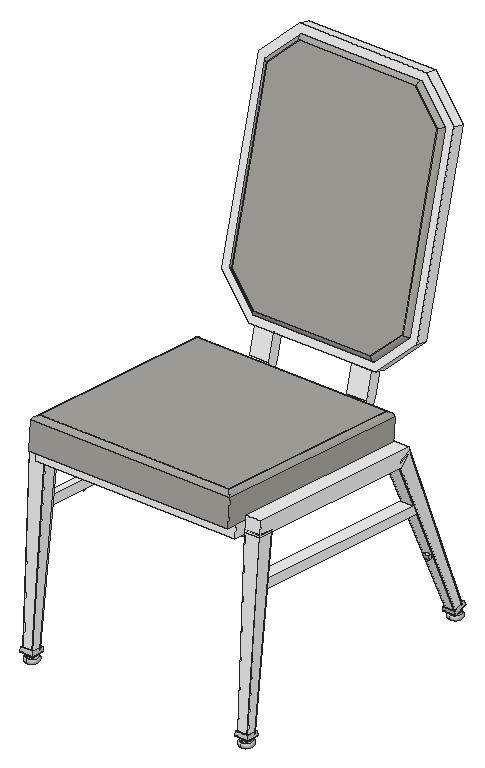
Revit family "8312", category Furniture, Revit 2020
Family settings
  OmniClass Number = 23.40.20.14.14.11
  OmniClass Title = Chairs
  Work Plane-Based = No
  Always vertical = No
  Cut with Voids When Loaded = No
  Shared = No
  Room Calculation Point = No
Parameters (values of type "Chair-Desk")
  Seat/Back Material = Textile - Slate Blue
  Default Elevation = 0.0 mm
  Base Material = Steel, Chrome Plated
  Assembly Code = "E2020200"
Reference planes
  plane 1: y = 0
  plane 2: z = 0
  plane 3 "Center (Left/Right)": x = 0
  plane 4: through (-799.018, -2910.54, 939.259) normal (0, -0.2554, 0.9668)
  plane 5: z = 950
  plane 6: z = 465
  plane 7: x = 16
  plane 8: x = 423.956
  plane 9: x = -16.065
  plane 10: x = 455.956
  plane 11: y = 714.922
  plane 12: y = 87.922
  plane 13: y = 657.036
  plane 14: y = 105.673
  plane 15: z = 409.442
Forms (mm)
  Extrusion 1, solid, not visible
    sketch origin (2534.425, -2910.54, 9.012) x (0, 0, 1) y (1, 0, 0)
      loop
        line (930.368, -2106.898) -> (439.988, -2106.898) -> (439.988, -2506.898) -> (930.368, -2506.898) -> (930.368, -2106.898)
      loop
        line (905.368, -2131.898) -> (464.988, -2131.898) -> (464.988, -2481.898) -> (905.368, -2481.898) -> (905.368, -2131.898)
    from 0 to 25
  Extrusion 2, solid, not visible
    sketch origin (2534.425, -2913.174, 18.983) x (0, 0, 1) y (1, 0, 0)
      loop
        line (895.368, -2406.898) -> (895.368, -2386.898) -> (855.368, -2386.898) -> (855.368, -2406.898) -> (895.368, -2406.898)
      loop
        circle (877.368, -2396.898) r 2.5
      loop
        circle (865.368, -2396.898) r 2.5
    from 5 to 15
  Extrusion 3, solid, not visible
    sketch origin (2714.425, -2913.174, 18.983) x (0, 0, 1) y (1, 0, 0)
      loop
        line (895.368, -2406.898) -> (895.368, -2386.898) -> (855.368, -2386.898) -> (855.368, -2406.898) -> (895.368, -2406.898)
      loop
        circle (877.368, -2396.898) r 2.5
      loop
        circle (865.368, -2396.898) r 2.5
    from 5 to 15
  Extrusion 4, solid, not visible
    sketch origin (2534.425, -2910.54, 1369.368) x (0, 0, -1) y (-1, 0, 0)
      loop
        line (895.368, 2406.898) -> (855.368, 2406.898) -> (855.368, 2386.898) -> (895.368, 2386.898) -> (895.368, 2406.898)
      loop
        circle (877.368, 2396.898) r 2.5
      loop
        circle (865.368, 2396.898) r 2.5
    from 5 to 15
  Extrusion 5, solid, not visible
    sketch origin (2714.425, -2910.54, 1369.368) x (0, 0, -1) y (-1, 0, 0)
      loop
        line (895.368, 2406.898) -> (855.368, 2406.898) -> (855.368, 2386.898) -> (895.368, 2386.898) -> (895.368, 2406.898)
      loop
        circle (877.368, 2396.898) r 2.5
      loop
        circle (865.368, 2396.898) r 2.5
    from 5 to 15
  Extrusion 6, solid, not visible
    sketch origin (2534.425, -2910.54, 9.012) x (0, 0, 1) y (1, 0, 0)
      loop
        line (769.634, -2481.898) -> (769.634, -2441.898) -> (749.634, -2441.898) -> (749.634, -2481.898) -> (769.634, -2481.898)
      loop
        circle (759.634, -2463.898) r 2.5
      loop
        circle (759.634, -2451.898) r 2.5
    from 5 to 15
  Extrusion 7, solid, not visible
    sketch origin (2534.425, -2910.54, -148.8) x (0, 0, 1) y (1, 0, 0)
      loop
        line (769.634, -2481.898) -> (769.634, -2441.898) -> (749.634, -2441.898) -> (749.634, -2481.898) -> (769.634, -2481.898)
      loop
        circle (759.634, -2463.898) r 2.5
      loop
        circle (759.634, -2451.898) r 2.5
    from 5 to 15
  Extrusion 8, solid, not visible
    sketch origin (-2079.372, -2910.54, 9.012) x (0, 0, 1) y (1, 0, 0)
      loop
        line (769.634, 2481.898) -> (749.634, 2481.898) -> (749.634, 2441.898) -> (769.634, 2441.898) -> (769.634, 2481.898)
      loop
        circle (759.634, 2463.898) r 2.5
      loop
        circle (759.634, 2451.898) r 2.5
    from 5 to 15
  Extrusion 9, solid, not visible
    sketch origin (-2079.372, -2910.54, -148.8) x (0, 0, 1) y (1, 0, 0)
      loop
        line (769.634, 2481.898) -> (749.634, 2481.898) -> (749.634, 2441.898) -> (769.634, 2441.898) -> (769.634, 2481.898)
      loop
        circle (759.634, 2463.898) r 2.5
      loop
        circle (759.634, 2451.898) r 2.5
    from 5 to 15
  SweptBlend 10, solid, material "8312_Metal"
    path in 3D
      loop
        line (439.956, 647.84, 19.651) -> (439.956, 501.025, 363.281)
    profile origin (439.956, 647.84, 19.651) x (0, 0.919585, 0.392891) y (-1, 0, 0)
      loop
        line (10, -9) -> (10, 9)
        arc (10, 9) -> (9.707, 9.707) -> (9, 10) r 1
        line (9, 10) -> (-9, 10)
        arc (-9, 10) -> (-9.707, 9.707) -> (-10, 9) r 1
        line (-10, 9) -> (-10, -9)
        arc (-10, -9) -> (-9.707, -9.707) -> (-9, -10) r 1
        line (-9, -10) -> (9, -10)
        arc (9, -10) -> (9.707, -9.707) -> (10, -9) r 1
    end profile origin (439.956, 501.025, 363.281) x (0, 0.919585, 0.392891) y (-1, 0, 0)
      loop
        line (16, -15) -> (16, 15)
        arc (16, 15) -> (15.707, 15.707) -> (15, 16) r 1
        line (15, 16) -> (-15, 16)
        arc (-15, 16) -> (-15.707, 15.707) -> (-16, 15) r 1
        line (-16, 15) -> (-16, -15)
        arc (-16, -15) -> (-15.707, -15.707) -> (-15, -16) r 1
        line (-15, -16) -> (15, -16)
        arc (15, -16) -> (15.707, -15.707) -> (16, -15) r 1
  SweptBlend 11, solid, material "8312_Metal"
    path in 3D
      loop
        line (439.956, 146.289, 381.762) -> (439.956, 115.637, 19.361)
    profile origin (439.956, 146.289, 381.762) x (0, -0.996442, 0.084279) y (-1, 0, 0)
      loop
        arc (-15, 16) -> (-15.707, 15.707) -> (-16, 15) r 1
        line (-16, 15) -> (-16, -15)
        arc (-16, -15) -> (-15.707, -15.707) -> (-15, -16) r 1
        line (-15, -16) -> (15, -16)
        arc (15, -16) -> (15.707, -15.707) -> (16, -15) r 1
        line (16, -15) -> (16, 15)
        arc (16, 15) -> (15.707, 15.707) -> (15, 16) r 1
        line (15, 16) -> (-15, 16)
    end profile origin (439.956, 115.637, 19.361) x (0, -0.996442, 0.084279) y (-1, 0, 0)
      loop
        line (-9, -10) -> (9, -10)
        arc (9, -10) -> (9.707, -9.707) -> (10, -9) r 1
        line (10, -9) -> (10, 9)
        arc (10, 9) -> (9.707, 9.707) -> (9, 10) r 1
        line (9, 10) -> (-9, 10)
        arc (-9, 10) -> (-9.707, 9.707) -> (-10, 9) r 1
        line (-10, 9) -> (-10, -9)
        arc (-10, -9) -> (-9.707, -9.707) -> (-9, -10) r 1
  Extrusion 12, solid, material "8312_Metal"
    sketch origin (454.956, 0, 15.703) x (0, 1, 0) y (0, 0, -1)
      loop
        line (512.452, -361.557) -> (515.626, -354.127) -> (490.879, -333.274) -> (130.039, -363.778) -> (132.567, -393.672) -> (512.452, -361.557)
    from -1 to 31
  Extrusion 13, solid, material "8312_Fabric"
    sketch origin (9672.675, -17.956, 469.29) x (-1, 0, 0) y (0, -0.996389, 0.084911)
      loop
        line (9656.675, -536.561) -> (9656.675, -111.046) -> (9248.718, -111.046) -> (9248.718, -536.561) -> (9656.675, -536.561)
    from -57.631 to -2.767
  Sweep 14, solid, material "8312_Fabric"
    path in 3D
      loop
        line (16, 516.433, 420.973) -> (16, 92.455, 457.104) -> (423.956, 92.455, 457.104) -> (423.956, 516.433, 420.973) -> (16, 516.433, 420.973)
    profile origin (219.978, 516.433, 420.973) x (0, -0.996389, 0.084911) y (0, 0.084911, 0.996389)
      loop
        line (0, 0) -> (10, 0) -> (10, 10)
        arc (10, 10) -> (4.125, 5.875) -> (0, 0) r 20.83
  Extrusion 15, solid, material "8312_Fabric"
    sketch origin (394, 506.469, 421.823) x (-1, 0, 0) y (0, 0.996389, -0.084911)
      loop
        line (368, 0) -> (-19.956, 0) -> (-19.956, -405.515) -> (368, -405.515) -> (368, 0)
    from -10 to 0
  Extrusion 16, solid, material "8312_Metal"
    sketch origin (8752.666, -26.148, 386.922) x (-1, 0, 0) y (0, -0.996389, 0.084911)
      loop
        line (8736.666, -132.215) -> (8328.71, -132.215) -> (8328.71, -538.69) -> (8736.666, -538.69) -> (8736.666, -132.215)
      loop
        line (8352.688, -157.309) -> (8352.688, -513.6) -> (8712.688, -513.6) -> (8712.688, -157.309) -> (8352.688, -157.309)
    from 0 to 25
  Extrusion 17, solid, material "8312_Metal"
    sketch origin (50.062, 334.478, 15.703) x (0, 1, 0) y (0, 0, 1)
      loop
        arc (214.094, 389.818) -> (201.255, 365.653) -> (179.021, 349.702) r 60
        arc (179.021, 349.702) -> (169.099, 346.574) -> (158.786, 345.206) r 60
        line (158.786, 345.206) -> (26.703, 356.372) -> (25.245, 339.133) -> (161.274, 327.634)
        arc (161.274, 327.634) -> (175.113, 329.485) -> (188.42, 333.715) r 80
        arc (188.42, 333.715) -> (217.928, 354.981) -> (234.971, 387.115) r 80
        line (234.971, 387.115) -> (247.65, 435.103) -> (227.467, 440.435) -> (214.094, 389.818)
    from 50 to 90
  Extrusion 18, solid, material "8312_Metal"
    sketch origin (389.998, 334.478, 15.703) x (0, 1, 0) y (0, 0, -1)
      loop
        line (214.094, -389.818) -> (227.467, -440.435) -> (247.65, -435.103) -> (234.971, -387.115)
        arc (234.971, -387.115) -> (217.928, -354.981) -> (188.42, -333.715) r 80
        arc (188.42, -333.715) -> (175.113, -329.485) -> (161.274, -327.634) r 80
        line (161.274, -327.634) -> (25.245, -339.133) -> (26.697, -356.304) -> (158.96, -345.214)
        arc (158.96, -345.214) -> (169.184, -346.593) -> (179.021, -349.702) r 60
        arc (179.021, -349.702) -> (201.255, -365.653) -> (214.094, -389.818) r 60
    from 50 to 90.052
  Extrusion 19, solid, material "8312_Metal"
    sketch origin (-14, 334.009, 15.703) x (0, 1, 0) y (0, 0, 1)
      loop
        line (27.769, 363.437) -> (0.712, 365.743) -> (-1.381, 340.984) -> (25.677, 338.696) -> (27.769, 363.437)
    from 53.978 to 413.978
  Extrusion 20, solid, material "8312_Metal", not visible
    sketch origin (7853.547, 224.618, 371.219) x (-1, 0, 0) y (0, -0.996389, 0.084911)
      loop
        line (8736.666, -132.215) -> (8328.71, -132.215) -> (8328.71, -538.69) -> (8736.666, -538.69) -> (8736.666, -132.215)
      loop
        line (8352.688, -157.309) -> (8352.688, -513.6) -> (8712.688, -513.6) -> (8712.688, -157.309) -> (8352.688, -157.309)
    from 0 to 25
  Extrusion 21, solid, material "8312_Metal", not visible
    sketch origin (-849.056, 585.243, 0) x (0, 1, 0) y (0, 0, 1)
      loop
        arc (214.094, 389.818) -> (201.255, 365.653) -> (179.021, 349.702) r 60
        arc (179.021, 349.702) -> (169.099, 346.574) -> (158.786, 345.206) r 60
        line (158.786, 345.206) -> (26.703, 356.372) -> (25.245, 339.133) -> (161.274, 327.634)
        arc (161.274, 327.634) -> (175.113, 329.485) -> (188.42, 333.715) r 80
        arc (188.42, 333.715) -> (217.928, 354.981) -> (234.971, 387.115) r 80
        line (234.971, 387.115) -> (247.65, 435.103) -> (227.467, 440.435) -> (214.094, 389.818)
    from 50 to 90
  Extrusion 22, solid, material "8312_Metal", not visible
    sketch origin (-509.121, 585.243, 0) x (0, 1, 0) y (0, 0, -1)
      loop
        line (214.094, -389.818) -> (227.467, -440.435) -> (247.65, -435.103) -> (234.971, -387.115)
        arc (234.971, -387.115) -> (217.928, -354.981) -> (188.42, -333.715) r 80
        arc (188.42, -333.715) -> (175.113, -329.485) -> (161.274, -327.634) r 80
        line (161.274, -327.634) -> (25.245, -339.133) -> (26.697, -356.304) -> (158.96, -345.214)
        arc (158.96, -345.214) -> (169.184, -346.593) -> (179.021, -349.702) r 60
        arc (179.021, -349.702) -> (201.255, -365.653) -> (214.094, -389.818) r 60
    from 50 to 90.052
  Extrusion 23, solid, material "8312_Metal", not visible
    sketch origin (-913.119, 584.775, 0) x (0, 1, 0) y (0, 0, 1)
      loop
        line (27.769, 363.437) -> (0.712, 365.743) -> (-1.381, 340.984) -> (25.677, 338.696) -> (27.769, 363.437)
    from 53.978 to 413.978
  Sweep 24, solid, material "8312_Metal"
    path in 3D
      loop
        line (94.186, 699.644, 934.722) -> (343.83, 699.644, 934.722) -> (406.508, 683.633, 874.123) -> (406.508, 591.666, 526.043) -> (343.83, 575.655, 465.445) -> (94.186, 575.655, 465.445) -> (31.508, 591.666, 526.043) -> (31.508, 683.633, 874.123) -> (94.186, 699.644, 934.722)
    profile origin (62.847, 691.638, 904.423) x (0.695069, 0.000084, -0.718943) y (-0.129918, 0.983552, -0.12549)
      loop
        line (-14.584, -9.991) -> (9.991, -14.584) -> (14.584, 9.991) -> (-9.991, 14.584) -> (-14.584, -9.991)
  Extrusion 25, solid
    sketch origin (-2103.004, 402.408, -78.107) x (0, 0.258819, 0.965926) y (1, 0, 0)
      loop
        line (1052.496, 2242.013) -> (1012.496, 2242.013) -> (1012.496, 2222.013) -> (1052.496, 2222.013) -> (1052.496, 2242.013)
      loop
        circle (1034.496, 2232.013) r 2.5
      loop
        circle (1022.496, 2232.013) r 2.5
    from 15.347 to 29.818
  Extrusion 26, solid
    sketch origin (-1923.004, 402.408, -78.107) x (0, 0.258819, 0.965926) y (1, 0, 0)
      loop
        line (1052.496, 2242.013) -> (1012.496, 2242.013) -> (1012.496, 2222.013) -> (1052.496, 2222.013) -> (1052.496, 2242.013)
      loop
        circle (1034.496, 2232.013) r 2.5
      loop
        circle (1022.496, 2232.013) r 2.5
    from 15.347 to 29.818
  Extrusion 27, solid
    sketch origin (-2103.004, 828.264, 1499.732) x (0, -0.258819, -0.965926) y (-1, 0, 0)
      loop
        line (1052.496, -2242.013) -> (1052.496, -2222.013) -> (1012.496, -2222.013) -> (1012.496, -2242.013) -> (1052.496, -2242.013)
      loop
        circle (1034.496, -2232.013) r 2.5
      loop
        circle (1022.496, -2232.013) r 2.5
    from 15.347 to 29.818
  Extrusion 28, solid
    sketch origin (-1923.004, 828.264, 1499.732) x (0, -0.258819, -0.965926) y (-1, 0, 0)
      loop
        line (1052.496, -2242.013) -> (1052.496, -2222.013) -> (1012.496, -2222.013) -> (1012.496, -2242.013) -> (1052.496, -2242.013)
      loop
        circle (1034.496, -2232.013) r 2.5
      loop
        circle (1022.496, -2232.013) r 2.5
    from 15.347 to 29.818
  Extrusion 29, solid
    sketch origin (1096.505, 1169.284, 2772.436) x (-1, 0, 0) y (0, 0.258819, 0.965926)
      loop
        line (1052.496, -2242.013) -> (1052.496, -2222.013) -> (1012.496, -2222.013) -> (1012.496, -2242.013) -> (1052.496, -2242.013)
      loop
        circle (1034.496, -2232.013) r 2.5
      loop
        circle (1022.496, -2232.013) r 2.5
    from 15.347 to 29.818
  Extrusion 30, solid
    sketch origin (1096.505, 1210.129, 2924.871) x (-1, 0, 0) y (0, 0.258819, 0.965926)
      loop
        line (1052.496, -2242.013) -> (1052.496, -2222.013) -> (1012.496, -2222.013) -> (1012.496, -2242.013) -> (1052.496, -2242.013)
      loop
        circle (1034.496, -2232.013) r 2.5
      loop
        circle (1022.496, -2232.013) r 2.5
    from 15.347 to 29.818
  Extrusion 31, solid
    sketch origin (-658.488, 1169.284, 2772.436) x (1, 0, 0) y (0, -0.258819, -0.965926)
      loop
        line (1052.496, 2242.013) -> (1012.496, 2242.013) -> (1012.496, 2222.013) -> (1052.496, 2222.013) -> (1052.496, 2242.013)
      loop
        circle (1034.496, 2232.013) r 2.5
      loop
        circle (1022.496, 2232.013) r 2.5
    from 15.347 to 29.818
  Extrusion 32, solid
    sketch origin (-658.488, 1210.129, 2924.871) x (1, 0, 0) y (0, -0.258819, -0.965926)
      loop
        line (1052.496, 2242.013) -> (1012.496, 2242.013) -> (1012.496, 2222.013) -> (1052.496, 2222.013) -> (1052.496, 2242.013)
      loop
        circle (1034.496, 2232.013) r 2.5
      loop
        circle (1022.496, 2232.013) r 2.5
    from 15.347 to 29.818
  Sweep 33, solid, material "8312_Metal", not visible
    path in 3D
      loop
        line (2197.19, -4.153, 1064.303) -> (2446.835, -4.153, 1064.303) -> (2509.513, -3.934, 1001.625) -> (2509.513, -2.677, 641.603) -> (2446.835, -2.458, 578.926) -> (2197.19, -2.458, 578.926) -> (2134.513, -2.677, 641.603) -> (2134.513, -3.934, 1001.625) -> (2197.19, -4.153, 1064.303)
    profile origin (2165.851, -4.043, 1032.964) x (0.707107, 0.003185, -0.7071) y (-0.000507, 0.999992, 0.003997)
      loop
        line (-12.509, -12.491) -> (12.491, -12.509) -> (12.509, 12.491) -> (-12.491, 12.509) -> (-12.509, -12.491)
  Extrusion 34, solid, not visible
    sketch origin (0, -29.12, 9.056) x (0, 0, 1) y (1, 0, 0)
      loop
        line (1052.496, 2242.013) -> (1012.496, 2242.013) -> (1012.496, 2222.013) -> (1052.496, 2222.013) -> (1052.496, 2242.013)
      loop
        circle (1034.496, 2232.013) r 2.5
      loop
        circle (1022.496, 2232.013) r 2.5
    from 15.347 to 29.818
  Extrusion 35, solid, not visible
    sketch origin (180, -29.12, 9.056) x (0, 0, 1) y (1, 0, 0)
      loop
        line (1052.496, 2242.013) -> (1012.496, 2242.013) -> (1012.496, 2222.013) -> (1052.496, 2222.013) -> (1052.496, 2242.013)
      loop
        circle (1034.496, 2232.013) r 2.5
      loop
        circle (1022.496, 2232.013) r 2.5
    from 15.347 to 29.818
  Extrusion 36, solid, not visible
    sketch origin (0, -26.15, 1643.351) x (0, 0, -1) y (-1, 0, 0)
      loop
        line (1052.496, -2242.013) -> (1052.496, -2222.013) -> (1012.496, -2222.013) -> (1012.496, -2242.013) -> (1052.496, -2242.013)
      loop
        circle (1034.496, -2232.013) r 2.5
      loop
        circle (1022.496, -2232.013) r 2.5
    from 15.347 to 29.818
  Extrusion 37, solid, not visible
    sketch origin (180, -26.15, 1643.351) x (0, 0, -1) y (-1, 0, 0)
      loop
        line (1052.496, -2242.013) -> (1052.496, -2222.013) -> (1012.496, -2222.013) -> (1012.496, -2242.013) -> (1052.496, -2242.013)
      loop
        circle (1034.496, -2232.013) r 2.5
      loop
        circle (1022.496, -2232.013) r 2.5
    from 15.347 to 29.818
  Extrusion 38, solid, not visible
    sketch origin (3199.509, -26.15, 2960.95) x (-1, 0, 0) y (0, 0, 1)
      loop
        line (1052.496, -2242.013) -> (1052.496, -2222.013) -> (1012.496, -2222.013) -> (1012.496, -2242.013) -> (1052.496, -2242.013)
      loop
        circle (1034.496, -2232.013) r 2.5
      loop
        circle (1022.496, -2232.013) r 2.5
    from 15.347 to 29.818
  Extrusion 39, solid, not visible
    sketch origin (3199.509, -26.15, 3118.762) x (-1, 0, 0) y (0, 0, 1)
      loop
        line (1052.496, -2242.013) -> (1052.496, -2222.013) -> (1012.496, -2222.013) -> (1012.496, -2242.013) -> (1052.496, -2242.013)
      loop
        circle (1034.496, -2232.013) r 2.5
      loop
        circle (1022.496, -2232.013) r 2.5
    from 15.347 to 29.818
  Extrusion 40, solid, not visible
    sketch origin (1444.516, -26.15, 2960.95) x (1, 0, 0) y (0, 0, -1)
      loop
        line (1052.496, 2242.013) -> (1012.496, 2242.013) -> (1012.496, 2222.013) -> (1052.496, 2222.013) -> (1052.496, 2242.013)
      loop
        circle (1034.496, 2232.013) r 2.5
      loop
        circle (1022.496, 2232.013) r 2.5
    from 15.347 to 29.818
  Extrusion 41, solid, not visible
    sketch origin (1444.516, -26.15, 3118.762) x (1, 0, 0) y (0, 0, -1)
      loop
        line (1052.496, 2242.013) -> (1012.496, 2242.013) -> (1012.496, 2222.013) -> (1052.496, 2222.013) -> (1052.496, 2242.013)
      loop
        circle (1034.496, 2232.013) r 2.5
      loop
        circle (1022.496, 2232.013) r 2.5
    from 15.347 to 29.818
  SweptBlend 42, solid, material "8312_Metal"
    path in 3D
      loop
        line (0.013, 146.289, 381.762) -> (0.013, 115.637, 19.361)
    profile origin (0.013, 146.289, 381.762) x (0, 0.996442, -0.084279) y (1, 0, 0)
      loop
        line (15, 16) -> (-15, 16)
        arc (-15, 16) -> (-15.707, 15.707) -> (-16, 15) r 1
        line (-16, 15) -> (-16, -15)
        arc (-16, -15) -> (-15.707, -15.707) -> (-15, -16) r 1
        line (-15, -16) -> (15, -16)
        arc (15, -16) -> (15.707, -15.707) -> (16, -15) r 1
        line (16, -15) -> (16, 15)
        arc (16, 15) -> (15.707, 15.707) -> (15, 16) r 1
    end profile origin (0.013, 115.637, 19.361) x (0, 0.996442, -0.084279) y (1, 0, 0)
      loop
        arc (9, -10) -> (9.707, -9.707) -> (10, -9) r 1
        line (10, -9) -> (10, 9)
        arc (10, 9) -> (9.707, 9.707) -> (9, 10) r 1
        line (9, 10) -> (-9, 10)
        arc (-9, 10) -> (-9.707, 9.707) -> (-10, 9) r 1
        line (-10, 9) -> (-10, -9)
        arc (-10, -9) -> (-9.707, -9.707) -> (-9, -10) r 1
        line (-9, -10) -> (9, -10)
  Extrusion 43, solid, material "8312_Metal"
    sketch origin (-15.065, 0, 15.703) x (0, 1, 0) y (0, 0, 1)
      loop
        line (512.452, 361.557) -> (132.567, 393.672) -> (130.039, 363.778) -> (490.879, 333.274) -> (515.626, 354.127) -> (512.452, 361.557)
    from -1 to 31.065
  SweptBlend 44, solid, material "8312_Metal"
    path in 3D
      loop
        line (-0.044, 647.84, 19.651) -> (-0.044, 501.025, 363.281)
    profile origin (-0.044, 647.84, 19.651) x (0, 0.919585, 0.392891) y (-1, 0, 0)
      loop
        line (10, -9) -> (10, 9)
        arc (10, 9) -> (9.707, 9.707) -> (9, 10) r 1
        line (9, 10) -> (-9, 10)
        arc (-9, 10) -> (-9.707, 9.707) -> (-10, 9) r 1
        line (-10, 9) -> (-10, -9)
        arc (-10, -9) -> (-9.707, -9.707) -> (-9, -10) r 1
        line (-9, -10) -> (9, -10)
        arc (9, -10) -> (9.707, -9.707) -> (10, -9) r 1
    end profile origin (-0.044, 501.025, 363.281) x (0, 0.919585, 0.392891) y (-1, 0, 0)
      loop
        line (16, -15) -> (16, 15)
        arc (16, 15) -> (15.707, 15.707) -> (15, 16) r 1
        line (15, 16) -> (-15, 16)
        arc (-15, 16) -> (-15.707, 15.707) -> (-16, 15) r 1
        line (-16, 15) -> (-16, -15)
        arc (-16, -15) -> (-15.707, -15.707) -> (-15, -16) r 1
        line (-15, -16) -> (15, -16)
        arc (15, -16) -> (15.707, -15.707) -> (16, -15) r 1
  Extrusion 45, solid, material "8312_Steel"
    sketch origin (233.322, 581.002, 135.16) x (0, -0.413327, 0.910582) y (-1, 0, 0)
      loop
        line (15.068, 233.671) -> (11.301, 240.196) -> (3.767, 240.196) -> (0, 233.671) -> (3.767, 227.147) -> (11.301, 227.147) -> (15.068, 233.671)
    from 0.923 to -4.001
  Extrusion 46, solid, material "8312_Steel"
    sketch origin (233.947, 139.697, 150.267) x (0, 0.121023, 0.99265) y (1, 0, 0)
      loop
        line (15.068, -233.671) -> (11.301, -227.147) -> (3.767, -227.147) -> (0, -233.671) -> (3.767, -240.196) -> (11.301, -240.196) -> (15.068, -233.671)
    from 4.063 to -0.984
  Extrusion 47, solid, material "8312_Steel"
    sketch origin (236.454, 445.854, 246.599) x (0, -0.996798, 0.079955) y (-1, 0, 0)
      loop
        line (15.068, 233.671) -> (11.301, 240.196) -> (3.767, 240.196) -> (0, 233.671) -> (3.767, 227.147) -> (11.301, 227.147) -> (15.068, 233.671)
    from 1.71 to -3.431
  Extrusion 48, solid, material "8312_Steel"
    sketch origin (237.39, 246.621, 263.419) x (0, -0.996798, 0.079955) y (-1, 0, 0)
      loop
        line (15.068, 233.671) -> (11.301, 240.196) -> (3.767, 240.196) -> (0, 233.671) -> (3.767, 227.147) -> (11.301, 227.147) -> (15.068, 233.671)
    from 1.71 to -3.431
  Extrusion 49, solid, material "8312_Metal"
    sketch origin (0, 0, 15.703) x (0, 1, 0) y (0, 0, 1)
      loop
        line (153.361, 277.07) -> (151.548, 259.159) -> (537.539, 226.528) -> (529.159, 245.3) -> (153.361, 277.07)
    from 0 to 13.751
  Extrusion 50, solid, material "8312_Metal"
    sketch origin (412.791, 24.153, 20.343) x (0, 1, 0) y (0, 0, 1)
      loop
        line (129.208, 272.43) -> (127.396, 254.519) -> (513.386, 221.888) -> (505.006, 240.661) -> (129.208, 272.43)
    from 39.978 to 13.751
  Extrusion 51, solid, material "8312_Steel"
    sketch origin (667.704, 445.854, 246.599) x (0, -0.996798, 0.079955) y (-1, 0, 0)
      loop
        line (15.068, 233.671) -> (11.301, 240.196) -> (3.767, 240.196) -> (0, 233.671) -> (3.767, 227.147) -> (11.301, 227.147) -> (15.068, 233.671)
    from 1.71 to -3.431
  Extrusion 52, solid, material "8312_Steel"
    sketch origin (668.64, 246.621, 263.419) x (0, -0.996798, 0.079955) y (-1, 0, 0)
      loop
        line (15.068, 233.671) -> (11.301, 240.196) -> (3.767, 240.196) -> (0, 233.671) -> (3.767, 227.147) -> (11.301, 227.147) -> (15.068, 233.671)
    from 1.71 to -3.431
  Extrusion 53, solid, material "8312_Steel"
    sketch origin (673.322, 580.987, 135.133) x (0, -0.413327, 0.910582) y (-1, 0, 0)
      loop
        line (15.068, 233.671) -> (11.301, 240.196) -> (3.767, 240.196) -> (0, 233.671) -> (3.767, 227.147) -> (11.301, 227.147) -> (15.068, 233.671)
    from 0.923 to -4.001
  Extrusion 54, solid, material "8312_Steel"
    sketch origin (673.947, 139.766, 150.222) x (0, 0.121023, 0.99265) y (1, 0, 0)
      loop
        line (15.068, -233.671) -> (11.301, -227.147) -> (3.767, -227.147) -> (0, -233.671) -> (3.767, -240.196) -> (11.301, -240.196) -> (15.068, -233.671)
    from 4.063 to -0.984
  Extrusion 55, solid, material "8312_Fabric"
    sketch origin (44.008, 670.225, 872.311) x (0.707107, 0.180627, 0.683647) y (-0.707107, 0.180627, 0.683647)
      loop
        line (0, 0) -> (-247.254, -247.254) -> (-247.254, -325.538) -> (-78.05, -494.741) -> (0.234, -494.741) -> (247.487, -247.487) -> (247.487, -169.203) -> (78.284, 0) -> (0, 0)
    from -32.111 to 8.169
  Sweep 56, solid, material "8312_Fabric"
    path in 3D
      loop
        line (99.363, 676.467, 927.916) -> (44.008, 662.327, 874.397) -> (44.008, 573.005, 536.329) -> (99.363, 558.865, 482.81) -> (338.653, 558.865, 482.81) -> (394.008, 573.005, 536.329) -> (394.008, 662.327, 874.397) -> (338.653, 676.467, 927.916) -> (99.363, 676.467, 927.916)
    profile origin (219.008, 676.467, 927.916) x (0, -0.255446, -0.966823) y (0, -0.966823, 0.255446)
      loop
        arc (0, 0) -> (-6.05, -3.62) -> (-9.984, -9.47) r 16.166
        line (-9.984, -9.47) -> (0, -9.993) -> (0, 0)
  Sweep 57, solid
    path in 3D
      loop
        line (99.363, 717.588, 916.92) -> (44.008, 703.075, 863.501) -> (44.008, 611.395, 526.064) -> (99.363, 596.882, 472.645) -> (338.653, 596.882, 472.645) -> (394.008, 611.395, 526.064) -> (394.008, 703.075, 863.501) -> (338.653, 717.588, 916.92) -> (99.363, 717.588, 916.92)
    profile origin (219.008, 717.588, 916.92) x (0, 0.262189, 0.965016) y (0, 0.965016, -0.262189)
      loop
        line (0, 0) -> (0, -9.993) -> (9.984, -9.47)
        arc (9.984, -9.47) -> (6.05, -3.62) -> (0, 0) r 16.166
  Extrusion 58, solid
    sketch origin (-15.625, 0, 15.703) x (0, 1, 0) y (0, 0, 1)
      loop
        line (638.644, 0.019) -> (640.196, -3.611) -> (658.587, 4.247) -> (657.036, 7.877) -> (638.644, 0.019)
    from 5.638 to 25.638
  Sweep 59, solid, material "8312_Steel"
    path in 3D
      loop
        line (-9.987, 658.587, 19.95) -> (-9.987, 640.196, 12.092) -> (10.013, 640.196, 12.092) -> (10.013, 658.587, 19.95) -> (-9.987, 658.587, 19.95)
    profile origin (0.013, 658.587, 19.95) x (0, -0.392891, 0.919585) y (0, 0.919585, 0.392891)
      loop
        line (-0.001, 0) -> (10, 0.069) -> (10, 2.324) -> (1.108, 3.297)
        arc (1.108, 3.297) -> (0.332, 3.048) -> (-0.001, 2.303) r 1
        line (-0.001, 2.303) -> (-0.001, 0)
  Sweep 60, solid, material "8312_Steel"
    path in 3D
      loop
        line (430.013, 658.587, 19.95) -> (430.013, 640.196, 12.092) -> (450.013, 640.196, 12.092) -> (450.013, 658.587, 19.95) -> (430.013, 658.587, 19.95)
    profile origin (440.013, 658.587, 19.95) x (0, -0.392891, 0.919585) y (0, 0.919585, 0.392891)
      loop
        line (-0.001, 0) -> (10, 0.069) -> (10, 2.324) -> (1.108, 3.297)
        arc (1.108, 3.297) -> (0.332, 3.048) -> (-0.001, 2.303) r 1
        line (-0.001, 2.303) -> (-0.001, 0)
  Sweep 61, solid, material "8312_Steel"
    path in 3D
      loop
        line (-9.987, 125.242, 14.506) -> (-9.987, 105.313, 16.178) -> (10.013, 105.313, 16.178) -> (10.013, 125.242, 14.506) -> (-9.987, 125.242, 14.506)
    profile origin (0.013, 125.242, 14.506) x (0, -0.392891, 0.919585) y (0, 0.919585, 0.392891)
      loop
        line (-0.001, 0) -> (8.803, 4.745) -> (7.746, 6.738) -> (-0.565, 3.432)
        arc (-0.565, 3.432) -> (-1.134, 2.848) -> (-1.079, 2.035) r 1
        line (-1.079, 2.035) -> (-0.001, 0)
  Sweep 62, solid, material "8312_Steel"
    path in 3D
      loop
        line (430.013, 125.242, 14.506) -> (430.013, 105.313, 16.178) -> (450.013, 105.313, 16.178) -> (450.013, 125.242, 14.506) -> (430.013, 125.242, 14.506)
    profile origin (440.013, 125.242, 14.506) x (0, -0.392891, 0.919585) y (0, 0.919585, 0.392891)
      loop
        line (-0.001, 0) -> (8.803, 4.745) -> (7.746, 6.738) -> (-0.565, 3.432)
        arc (-0.565, 3.432) -> (-1.134, 2.848) -> (-1.079, 2.035) r 1
        line (-1.079, 2.035) -> (-0.001, 0)
  Revolve 63, solid, material "8312_Steel"
    sketch origin (0.625, 5395.055, -1180.077) x (0, 1, 0) y (0, 0, 1)
      loop
        line (-4737.371, 1196.053) -> (-4737.371, 1199.688) -> (-4744.498, 1199.688) -> (-4744.498, 1180.066) -> (-4732.748, 1180.066)
        arc (-4732.748, 1180.066) -> (-4730.748, 1184.066) -> (-4732.748, 1188.066) r 5
        line (-4732.748, 1188.066) -> (-4733.602, 1188.066) -> (-4733.748, 1191.566)
        arc (-4733.748, 1191.566) -> (-4733.894, 1191.92) -> (-4734.248, 1192.066) r 0.5
        arc (-4734.248, 1192.066) -> (-4736.498, 1193.521) -> (-4737.371, 1196.053) r 4.106
      axis (-4744.498, 1180.066) -> (-4744.498, 1199.688)
    angle from 0 to 360
  Revolve 64, solid, material "8312_Steel"
    sketch origin (0.625, 4860.055, -1180.077) x (0, 1, 0) y (0, 0, 1)
      loop
        line (-4737.371, 1196.053) -> (-4737.371, 1199.688) -> (-4744.498, 1199.688) -> (-4744.498, 1180.066) -> (-4732.748, 1180.066)
        arc (-4732.748, 1180.066) -> (-4730.748, 1184.066) -> (-4732.748, 1188.066) r 5
        line (-4732.748, 1188.066) -> (-4733.602, 1188.066) -> (-4733.748, 1191.566)
        arc (-4733.748, 1191.566) -> (-4733.894, 1191.92) -> (-4734.248, 1192.066) r 0.5
        arc (-4734.248, 1192.066) -> (-4736.498, 1193.521) -> (-4737.371, 1196.053) r 4.106
      axis (-4744.498, 1180.066) -> (-4744.498, 1199.688)
    angle from 0 to 360
  Revolve 65, solid, material "8312_Steel"
    sketch origin (440.625, 4859.863, -1180.077) x (0, 1, 0) y (0, 0, 1)
      loop
        line (-4737.371, 1196.053) -> (-4737.371, 1199.688) -> (-4744.498, 1199.688) -> (-4744.498, 1180.066) -> (-4732.748, 1180.066)
        arc (-4732.748, 1180.066) -> (-4730.748, 1184.066) -> (-4732.748, 1188.066) r 5
        line (-4732.748, 1188.066) -> (-4733.602, 1188.066) -> (-4733.748, 1191.566)
        arc (-4733.748, 1191.566) -> (-4733.894, 1191.92) -> (-4734.248, 1192.066) r 0.5
        arc (-4734.248, 1192.066) -> (-4736.498, 1193.521) -> (-4737.371, 1196.053) r 4.106
      axis (-4744.498, 1180.066) -> (-4744.498, 1199.688)
    angle from 0 to 360
  Revolve 66, solid, material "8312_Steel"
    sketch origin (440.625, 5394.863, -1180.077) x (0, 1, 0) y (0, 0, 1)
      loop
        line (-4737.371, 1196.053) -> (-4737.371, 1199.688) -> (-4744.498, 1199.688) -> (-4744.498, 1180.066) -> (-4732.748, 1180.066)
        arc (-4732.748, 1180.066) -> (-4730.748, 1184.066) -> (-4732.748, 1188.066) r 5
        line (-4732.748, 1188.066) -> (-4733.602, 1188.066) -> (-4733.748, 1191.566)
        arc (-4733.748, 1191.566) -> (-4733.894, 1191.92) -> (-4734.248, 1192.066) r 0.5
        arc (-4734.248, 1192.066) -> (-4736.498, 1193.521) -> (-4737.371, 1196.053) r 4.106
      axis (-4744.498, 1180.066) -> (-4744.498, 1199.688)
    angle from 0 to 360
Cuts and joins
  joined: Extrusion 43, SweptBlend 44
Lines and regions (mm)
  model lines
    curve 1: line (0, 647.84, 19.651) -> (0, 501.025, 363.281)
    curve 2: line (0, 160.929, 376.87) -> (0, 130.822, 376.87)
    curve 3: line (0, 145.875, 376.87) -> (0, 115.637, 19.361)
    curve 44: line (0, 658.587, 19.95) -> (0, 654.722, 29.173)
  sketch lines
    curve 4: line (439.956, 647.84, 19.651) -> (439.956, 501.025, 363.281)
    curve 5: line (439.956, 146.289, 381.762) -> (439.956, 115.637, 19.361)
    curve 6: line (423.956, 516.433, 420.973) -> (16, 516.433, 420.973)
    curve 7: line (423.956, 92.455, 457.104) -> (423.956, 516.433, 420.973)
    curve 8: line (16, 92.455, 457.104) -> (423.956, 92.455, 457.104)
    curve 9: line (16, 516.433, 420.973) -> (16, 92.455, 457.104)
    curve 10: line (31.508, 683.633, 874.123) -> (94.186, 699.644, 934.722)
    curve 11: line (94.186, 699.644, 934.722) -> (343.83, 699.644, 934.722)
    curve 12: line (343.83, 699.644, 934.722) -> (406.508, 683.633, 874.123)
    curve 13: line (406.508, 683.633, 874.123) -> (406.508, 591.666, 526.043)
    curve 14: line (343.83, 575.655, 465.445) -> (406.508, 591.666, 526.043)
    curve 15: line (343.83, 575.655, 465.445) -> (94.186, 575.655, 465.445)
    curve 16: line (94.186, 575.655, 465.445) -> (31.508, 591.666, 526.043)
    curve 17: line (31.508, 591.666, 526.043) -> (31.508, 683.633, 874.123)
    curve 26: line (0.013, 146.289, 381.762) -> (0.013, 115.637, 19.361)
    curve 27: line (-0.044, 647.84, 19.651) -> (-0.044, 501.025, 363.281)
    curve 28: line (338.653, 676.467, 927.916) -> (99.363, 676.467, 927.916)
    curve 29: line (394.008, 662.327, 874.397) -> (338.653, 676.467, 927.916)
    curve 30: line (394.008, 573.005, 536.329) -> (394.008, 662.327, 874.397)
    curve 31: line (338.653, 558.865, 482.81) -> (394.008, 573.005, 536.329)
    curve 32: line (99.363, 558.865, 482.81) -> (338.653, 558.865, 482.81)
    curve 33: line (44.008, 573.005, 536.329) -> (99.363, 558.865, 482.81)
    curve 34: line (44.008, 662.327, 874.397) -> (44.008, 573.005, 536.329)
    curve 35: line (99.363, 676.467, 927.916) -> (44.008, 662.327, 874.397)
    curve 36: line (338.653, 717.588, 916.92) -> (99.363, 717.588, 916.92)
    curve 37: line (394.008, 703.075, 863.501) -> (338.653, 717.588, 916.92)
    curve 38: line (394.008, 611.395, 526.064) -> (394.008, 703.075, 863.501)
    curve 39: line (338.653, 596.882, 472.645) -> (394.008, 611.395, 526.064)
    curve 40: line (99.363, 596.882, 472.645) -> (338.653, 596.882, 472.645)
    curve 41: line (44.008, 611.395, 526.064) -> (99.363, 596.882, 472.645)
    curve 42: line (44.008, 703.075, 863.501) -> (44.008, 611.395, 526.064)
    curve 43: line (99.363, 717.588, 916.92) -> (44.008, 703.075, 863.501)
    curve 45: line (10.013, 658.587, 19.95) -> (-9.987, 658.587, 19.95)
    curve 46: line (-9.987, 658.587, 19.95) -> (-9.987, 640.196, 12.092)
    curve 47: line (10.013, 640.196, 12.092) -> (-9.987, 640.196, 12.092)
    curve 48: line (10.013, 640.196, 12.092) -> (10.013, 658.587, 19.95)
    curve 49: line (450.013, 658.587, 19.95) -> (430.013, 658.587, 19.95)
    curve 50: line (430.013, 658.587, 19.95) -> (430.013, 640.196, 12.092)
    curve 51: line (450.013, 640.196, 12.092) -> (430.013, 640.196, 12.092)
    curve 52: line (450.013, 640.196, 12.092) -> (450.013, 658.587, 19.95)
    curve 53: line (10.013, 125.242, 14.506) -> (-9.987, 125.242, 14.506)
    curve 54: line (-9.987, 125.242, 14.506) -> (-9.987, 105.313, 16.178)
    curve 55: line (10.013, 105.313, 16.178) -> (-9.987, 105.313, 16.178)
    curve 56: line (10.013, 105.313, 16.178) -> (10.013, 125.242, 14.506)
    curve 57: line (450.013, 125.242, 14.506) -> (430.013, 125.242, 14.506)
    curve 58: line (430.013, 125.242, 14.506) -> (430.013, 105.313, 16.178)
    curve 59: line (450.013, 105.313, 16.178) -> (430.013, 105.313, 16.178)
    curve 60: line (450.013, 105.313, 16.178) -> (450.013, 125.242, 14.506)
  sketch lines, not visible
    curve 18: line (2134.513, -3.934, 1001.625) -> (2197.19, -4.153, 1064.303)
    curve 19: line (2197.19, -4.153, 1064.303) -> (2446.835, -4.153, 1064.303)
    curve 20: line (2446.835, -4.153, 1064.303) -> (2509.513, -3.934, 1001.625)
    curve 21: line (2509.513, -3.934, 1001.625) -> (2509.513, -2.677, 641.603)
    curve 22: line (2446.835, -2.458, 578.926) -> (2509.513, -2.677, 641.603)
    curve 23: line (2446.835, -2.458, 578.926) -> (2197.19, -2.458, 578.926)
    curve 24: line (2197.19, -2.458, 578.926) -> (2134.513, -2.677, 641.603)
    curve 25: line (2134.513, -2.677, 641.603) -> (2134.513, -3.934, 1001.625)
Dimensions and locks
  plane 5 to level = 950.0 mm  (x2)
  plane 6 to plane 2 = 465.0 mm
  Extrusion 16 to plane 8 = 407.956 mm
  Sweep 24 to Sweep 24 = 400.0 mm
  plane 9 to plane 10 = 472.021 mm  (x2)
  plane 6 to level = 465.0 mm
  plane 11 to plane 12 = 627.0 mm
  plane 13 to plane 14 = 551.363 mm
  plane 7 to plane 8 = 407.956 mm
  Sweep 24 to Sweep 24 = 510.38 mm
  angle Extrusion 16 to Sweep 24 = 99.9291°
  aligned and locked: Extrusion 58 to SweptBlend 44
